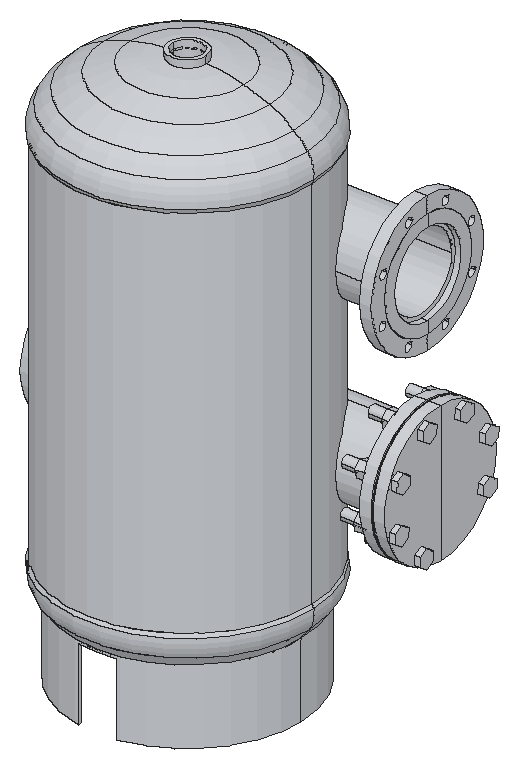
Revit family "SPA-6-S", category Generic Models, Revit 2014
Parameters (values of type "SPA-6-S")
  Width = 29"
  URL = "http://westank.com/"
  Model = "72072106"
  Maximum Flow = 850 GPM
  Manufacturer = "Wessels Company"
  Height = 44 1/2"
Reference planes (in)
  plane 1 "Center (Front/Back)": y = 0
  plane 2: z = 0
  plane 3 "Center (Left/Right)": x = 0
Forms (in)
  Extrusion 1, solid
    sketch origin (0, 0, 0) x (1, 0, 0) y (0, 1, 0)
      loop
        circle (0, 0) r 8.99606
      loop
        circle (0, 0) r 8.76037
    from 0 to 6.47317
  Extrusion 2, void
    sketch origin (0, 0, 0) x (1, 0, 0) y (0, 0, 1)
      loop
        line (-1.49606, 5.71096) -> (-1.49606, 0) -> (1.49606, 0) -> (1.49606, 5.71096) -> (-1.49606, 5.71096)
    from 2.17919 to 13.31141
  Extrusion 3, solid
    sketch origin (0, 0, 0) x (1, 0, 0) y (0, 1, 0)
      loop
        circle (0, 0) r 0.87598
    from 2.38926 to 3.72296
  Extrusion 4, solid
    sketch origin (0, 0, 0) x (1, 0, 0) y (0, 1, 0)
      loop
        circle (0, 0) r 0.6575
    from 2.32676 to 3.72296
  Extrusion 5, solid
    sketch origin (0, 0, 0) x (1, 0, 0) y (0, 1, 0)
      loop
        line (-0.17067, 0.5456) -> (-0.54552, -0.17054) -> (0.17207, -0.54615) -> (0.54692, 0.16999) -> (-0.17067, 0.5456)
    from 1.82676 to 3.72296
  Extrusion 6, solid
    sketch origin (0, 1.96767, 6.375) x (0, 1, 0) y (0, 0, 1)
      loop
        circle (4.27544, 24.375) r 3.30709
      loop
        circle (4.27544, 24.375) r 3.01276
    from 1.75 to 13.5
  Extrusion 7, solid
    sketch origin (0, 1.96767, 4.12496) x (0, 1, 0) y (0, 0, 1)
      loop
        circle (4.27544, 12.12504) r 3.30709
      loop
        circle (4.27544, 12.12504) r 3.01276
    from -13.5 to -1.75
  Revolve 8, solid
    sketch origin (0, 0, 0) x (1, 0, 0) y (0, 0, 1)
      loop
        line (-9.82401, 38.37588) -> (-9.82401, 8.62588) -> (-9.99416, 8.33118)
        arc (-9.99416, 8.33118) -> (-9.95054, 7.51823) -> (-9.63337, 6.76843) r 2.36068
        arc (-9.63337, 6.76843) -> (-8.54268, 5.48821) -> (-7.15547, 4.53732) r 6.38273
        arc (-7.15547, 4.53732) -> (-5.17691, 3.74077) -> (-3.09117, 3.29475) r 12.41099
        arc (-3.09117, 3.29475) -> (-1.54806, 3.12963) -> (0, 3.02031) r 43.00429
        line (0, 3.02031) -> (0, 3.12201)
        arc (0, 3.12201) -> (-1.54174, 3.23103) -> (-3.07855, 3.39552) r 42.90273
        arc (-3.07855, 3.39552) -> (-5.14721, 3.83789) -> (-7.10958, 4.62793) r 12.30943
        arc (-7.10958, 4.62793) -> (-8.47472, 5.56369) -> (-9.54805, 6.82354) r 6.28116
        arc (-9.54805, 6.82354) -> (-9.85314, 7.54786) -> (-9.89161, 8.33288) r 2.25912
        line (-9.89161, 8.33288) -> (-9.72245, 8.62588) -> (-9.72245, 38.45818) -> (-9.91792, 38.79673)
        arc (-9.91792, 38.79673) -> (-9.79301, 39.68792) -> (-9.40377, 40.49928) r 2.93271
        arc (-9.40377, 40.49928) -> (-8.93144, 41.08507) -> (-8.37459, 41.59119) r 4.8755
        arc (-8.37459, 41.59119) -> (-7.45752, 42.21141) -> (-6.46697, 42.70588) r 8.41598
        arc (-6.46697, 42.70588) -> (-5.46971, 43.07814) -> (-4.45376, 43.39591) r 19.67168
        arc (-4.45376, 43.39591) -> (-2.24682, 43.81881) -> (0, 43.85439) r 12.96789
        line (0, 43.85439) -> (0, 43.95621)
        arc (0, 43.95621) -> (-2.26081, 43.91947) -> (-4.48144, 43.49362) r 13.06945
        arc (-4.48144, 43.49362) -> (-5.50294, 43.17411) -> (-6.50566, 42.79979) r 19.77325
        arc (-6.50566, 42.79979) -> (-7.50848, 42.29926) -> (-8.43689, 41.6714) r 8.51755
        arc (-8.43689, 41.6714) -> (-9.00534, 41.15473) -> (-9.48752, 40.55674) r 4.97706
        arc (-9.48752, 40.55674) -> (-9.90226, 39.67647) -> (-10.01701, 38.71017) r 3.03428
        line (-10.01701, 38.71017) -> (-9.82401, 38.37588)
      axis (0, 43.95621) -> (0, 3.02031)
    angle from 0 to 360
  Extrusion 9, solid
    sketch origin (-6, -180, 22.2985) x (-1, 0, 0) y (0, -1, 0)
      loop
        circle (-5.99489, -180) r 1.43701
      loop
        circle (-6, -180) r 1.1811
    from 20.80157 to 22.18871
  Revolve 10, solid
    sketch origin (0, 6.24115, 6.375) x (1, 0, 0) y (0, 0, 1)
      loop
        line (12.43716, 27.6818) -> (14, 27.6818) -> (14, 28.62509) -> (13.9375, 28.62509) -> (13.9375, 29.875) -> (13.00098, 29.875) -> (13.00098, 28.15662) -> (12.43716, 28.15662) -> (12.43716, 27.6818)
      axis (14, 24.375) -> (12.43716, 24.375)
    angle from 0 to 360
  Revolve 11, solid
    sketch origin (0, 6.24506, 3.65215) x (1, 0, 0) y (0, 0, 1)
      loop
        line (-12.43947, 15.90041) -> (-12.43947, 16.38706) -> (-13.00098, 16.38706) -> (-13.00098, 18.09756) -> (-13.9375, 18.09756) -> (-13.9375, 16.84904) -> (-14, 16.84904) -> (-14, 15.90041) -> (-12.43947, 15.90041)
      axis (-12.43947, 12.75417) -> (-14, 12.75417)
    angle from 0 to 360
  Extrusion 12, void
    sketch origin (0, 2.50087, 4.15215) x (0, 1, 0) y (0, 0, 1)
      loop
        circle (5.54889, 16.49273) r 0.37795
      loop
        circle (1.92835, 16.47749) r 0.37795
      loop
        circle (-0.653, 13.92068) r 0.37795
      loop
        circle (-0.64073, 10.25893) r 0.37795
      loop
        circle (1.94116, 7.72633) r 0.37795
      loop
        circle (5.56516, 7.69932) r 0.37795
      loop
        circle (8.11987, 10.28251) r 0.37795
      loop
        circle (8.12581, 13.92024) r 0.37795
    from -14.85308 to -11.54381
  Extrusion 13, void
    sketch origin (0, 2.21571, 18.81246) x (0, 1, 0) y (0, 0, 1)
      loop
        circle (5.8481, 16.31889) r 0.37795
      loop
        circle (2.20911, 16.31263) r 0.37795
      loop
        circle (-0.32254, 13.75581) r 0.37795
      loop
        circle (-0.37276, 10.11868) r 0.37795
      loop
        circle (2.19116, 7.53686) r 0.37795
      loop
        circle (5.83977, 7.55906) r 0.37795
      loop
        circle (8.43471, 10.11765) r 0.37795
      loop
        circle (8.42502, 13.7464) r 0.37795
    from 10.99796 to 15.18419
  Extrusion 14, void
    sketch origin (-6, -180, 22.2985) x (-1, 0, 0) y (0, -1, 0)
      loop
        circle (-6.00511, -180) r 1.1811
    from 20.34469 to 22.76917
  Revolve 15, solid
    sketch origin (0.75, 6.27544, 19.05318) x (0, 0, 1) y (1, 0, 0)
      loop
        line (-2.80318, 13.1755) -> (-2.80318, -0.57335) -> (0.51924, -0.57335) -> (0.51924, 12.238) -> (2.69682, 12.238) -> (2.69682, 13.1755) -> (-2.80318, 13.1755)
      loop
        line (2.69682, 13.238) -> (2.69682, 13.26916) -> (-2.80318, 13.26916) -> (-2.80318, 13.238) -> (2.69682, 13.238)
      loop
        line (-2.80318, 13.3005) -> (2.69682, 13.3005) -> (2.69682, 14.238) -> (-2.80318, 14.238) -> (-2.80318, 13.3005)
      axis (-2.80318, -0.57335) -> (-2.80318, 14.238)
    angle from 0 to 360
  Extrusion 16, solid
    sketch origin (0, 0, 0) x (0, 1, 0) y (0, 0, 1)
      loop
        circle (8.25592, 20.55885) r 0.42907
    from 10.988 to 14.238
  Extrusion 17, solid
    sketch origin (0, 0, 0) x (0, 1, 0) y (0, 0, 1)
      loop
        line (8.76775, 21.06527) -> (8.07065, 21.25206) -> (7.56034, 20.74175) -> (7.74713, 20.04465) -> (8.44422, 19.85787) -> (8.95453, 20.36818) -> (8.76775, 21.06527)
    from 12.23 to 12.988
  Extrusion 18, solid
    sketch origin (0, 0, 0) x (0, 1, 0) y (0, 0, 1)
      loop
        line (8.29026, 21.2759) -> (7.64949, 20.94385) -> (7.61667, 20.22291) -> (8.22462, 19.83402) -> (8.86538, 20.16607) -> (8.8982, 20.88701) -> (8.29026, 21.2759)
    from 14.988 to 15.512
  Extrusion 19, solid
    sketch origin (0, 2.42673, -2.69516) x (0, 1, 0) y (0, 0, 1)
      loop
        circle (8.25592, 20.55885) r 0.42907
    from 10.988 to 14.238
  Extrusion 20, solid
    sketch origin (0, 2.42673, -2.69516) x (0, 1, 0) y (0, 0, 1)
      loop
        line (8.76775, 21.06527) -> (8.07065, 21.25206) -> (7.56034, 20.74175) -> (7.74713, 20.04465) -> (8.44422, 19.85787) -> (8.95453, 20.36818) -> (8.76775, 21.06527)
    from 12.23 to 12.988
  Extrusion 21, solid
    sketch origin (0, 2.42673, -2.69516) x (0, 1, 0) y (0, 0, 1)
      loop
        line (8.29026, 21.2759) -> (7.64949, 20.94385) -> (7.61667, 20.22291) -> (8.22462, 19.83402) -> (8.86538, 20.16607) -> (8.8982, 20.88701) -> (8.29026, 21.2759)
    from 14.988 to 15.512
  Extrusion 22, solid
    sketch origin (0, -3.69085, 0.15752) x (0, 1, 0) y (0, 0, 1)
      loop
        circle (8.25592, 20.55885) r 0.42907
    from 10.988 to 14.238
  Extrusion 23, solid
    sketch origin (0, -3.69085, 0.15752) x (0, 1, 0) y (0, 0, 1)
      loop
        line (8.76775, 21.06527) -> (8.07065, 21.25206) -> (7.56034, 20.74175) -> (7.74713, 20.04465) -> (8.44422, 19.85787) -> (8.95453, 20.36818) -> (8.76775, 21.06527)
    from 12.23 to 12.988
  Extrusion 24, solid
    sketch origin (0, -3.69085, 0.15752) x (0, 1, 0) y (0, 0, 1)
      loop
        line (8.29026, 21.2759) -> (7.64949, 20.94385) -> (7.61667, 20.22291) -> (8.22462, 19.83402) -> (8.86538, 20.16607) -> (8.8982, 20.88701) -> (8.29026, 21.2759)
    from 14.988 to 15.512
  Extrusion 25, solid
    sketch origin (0, -6.30315, -2.28606) x (0, 1, 0) y (0, 0, 1)
      loop
        circle (8.25592, 20.55885) r 0.42907
    from 10.988 to 14.238
  Extrusion 26, solid
    sketch origin (0, -6.30315, -2.28606) x (0, 1, 0) y (0, 0, 1)
      loop
        line (8.76775, 21.06527) -> (8.07065, 21.25206) -> (7.56034, 20.74175) -> (7.74713, 20.04465) -> (8.44422, 19.85787) -> (8.95453, 20.36818) -> (8.76775, 21.06527)
    from 12.23 to 12.988
  Extrusion 27, solid
    sketch origin (0, -6.30315, -2.28606) x (0, 1, 0) y (0, 0, 1)
      loop
        line (8.29026, 21.2759) -> (7.64949, 20.94385) -> (7.61667, 20.22291) -> (8.22462, 19.83402) -> (8.86538, 20.16607) -> (8.8982, 20.88701) -> (8.29026, 21.2759)
    from 14.988 to 15.512
  Extrusion 28, solid
    sketch origin (0, -6.4529, -5.93455) x (0, 1, 0) y (0, 0, 1)
      loop
        circle (8.25592, 20.55885) r 0.42907
    from 10.988 to 14.238
  Extrusion 29, solid
    sketch origin (0, -6.4529, -5.93455) x (0, 1, 0) y (0, 0, 1)
      loop
        line (8.76775, 21.06527) -> (8.07065, 21.25206) -> (7.56034, 20.74175) -> (7.74713, 20.04465) -> (8.44422, 19.85787) -> (8.95453, 20.36818) -> (8.76775, 21.06527)
    from 12.23 to 12.988
  Extrusion 30, solid
    sketch origin (0, -6.4529, -5.93455) x (0, 1, 0) y (0, 0, 1)
      loop
        line (8.29026, 21.2759) -> (7.64949, 20.94385) -> (7.61667, 20.22291) -> (8.22462, 19.83402) -> (8.86538, 20.16607) -> (8.8982, 20.88701) -> (8.29026, 21.2759)
    from 14.988 to 15.512
  Extrusion 31, solid
    sketch origin (0, -3.99876, -8.62545) x (0, 1, 0) y (0, 0, 1)
      loop
        circle (8.25592, 20.55885) r 0.42907
    from 10.988 to 14.238
  Extrusion 32, solid
    sketch origin (0, -3.99876, -8.62545) x (0, 1, 0) y (0, 0, 1)
      loop
        line (8.76775, 21.06527) -> (8.07065, 21.25206) -> (7.56034, 20.74175) -> (7.74713, 20.04465) -> (8.44422, 19.85787) -> (8.95453, 20.36818) -> (8.76775, 21.06527)
    from 12.23 to 12.988
  Extrusion 33, solid
    sketch origin (0, -3.99876, -8.62545) x (0, 1, 0) y (0, 0, 1)
      loop
        line (8.29026, 21.2759) -> (7.64949, 20.94385) -> (7.61667, 20.22291) -> (8.22462, 19.83402) -> (8.86538, 20.16607) -> (8.8982, 20.88701) -> (8.29026, 21.2759)
    from 14.988 to 15.512
  Extrusion 34, solid
    sketch origin (0, -0.37927, -8.78255) x (0, 1, 0) y (0, 0, 1)
      loop
        circle (8.25592, 20.55885) r 0.42907
    from 10.988 to 14.238
  Extrusion 35, solid
    sketch origin (0, -0.37927, -8.78255) x (0, 1, 0) y (0, 0, 1)
      loop
        line (8.76775, 21.06527) -> (8.07065, 21.25206) -> (7.56034, 20.74175) -> (7.74713, 20.04465) -> (8.44422, 19.85787) -> (8.95453, 20.36818) -> (8.76775, 21.06527)
    from 12.23 to 12.988
  Extrusion 36, solid
    sketch origin (0, -0.37927, -8.78255) x (0, 1, 0) y (0, 0, 1)
      loop
        line (8.29026, 21.2759) -> (7.64949, 20.94385) -> (7.61667, 20.22291) -> (8.22462, 19.83402) -> (8.86538, 20.16607) -> (8.8982, 20.88701) -> (8.29026, 21.2759)
    from 14.238 to 14.762
  Extrusion 37, solid
    sketch origin (0, 2.27287, -6.30592) x (0, 1, 0) y (0, 0, 1)
      loop
        circle (8.25592, 20.55885) r 0.42907
    from 10.988 to 14.238
  Extrusion 38, solid
    sketch origin (0, 2.27287, -6.30592) x (0, 1, 0) y (0, 0, 1)
      loop
        line (8.76775, 21.06527) -> (8.07065, 21.25206) -> (7.56034, 20.74175) -> (7.74713, 20.04465) -> (8.44422, 19.85787) -> (8.95453, 20.36818) -> (8.76775, 21.06527)
    from 12.23 to 12.988
  Extrusion 39, solid
    sketch origin (0, 2.27287, -6.30592) x (0, 1, 0) y (0, 0, 1)
      loop
        line (8.29026, 21.2759) -> (7.64949, 20.94385) -> (7.61667, 20.22291) -> (8.22462, 19.83402) -> (8.86538, 20.16607) -> (8.8982, 20.88701) -> (8.29026, 21.2759)
    from 14.988 to 15.512
Cuts and joins
  Extrusion 2 cuts Extrusion 1
  Extrusion 14 cuts Revolve 8
  joined: Extrusion 1, Revolve 8
  Extrusion 12 cuts Revolve 11
  Extrusion 13 cuts Revolve 10
Dimensions and locks (in)
  diameter of Extrusion 1 sketch curve = 17.99213"
  diameter of Extrusion 1 sketch curve = 17.52073"
  diameter of Extrusion 3 sketch curve = 1.75197"
  diameter of Extrusion 4 sketch curve = 1.315"
  diameter of Extrusion 6 sketch curve = 6.61417"
  diameter of Extrusion 6 sketch curve = 6.02551"
  diameter of Extrusion 7 sketch curve = 6.61417"
  diameter of Extrusion 7 sketch curve = 6.02551"
  diameter of Extrusion 9 sketch curve = 2.87402"
  diameter of Extrusion 9 sketch curve = 2.3622"
  diameter of Extrusion 14 sketch curve = 2.3622"
  aligned and locked: plane 2 to level
  aligned and locked: Revolve 15 sketch curve to Revolve 15 sketch curve
Connectors (in)
  piping at (0, 0, 2.32676), diameter 1
    settings: on Extrusion 4, index 2, connector inside diameter 24", connector length 0", flow factor 0, pipe flow 0 GPM, pressure drop 0.00 psi, fitting loss kfactor 0, connector angle 0.00°, fixture units 0, engagement length 0", angle of deflection 0.00°, flow configuration 0, flow direction 0, fitting loss method 0, system type 7, joint type 0, gender type 0, connector reference index -1, connector utility 0, adjustable connector no, is connector primary yes, connector description ""
  piping at (14, 6.24115, 30.75), diameter 6.5
    settings: on cut or joined group of Revolve 10, Extrusion 13, index 3, connector inside diameter 24", connector length 0", flow factor 0, pipe flow 0 GPM, pressure drop 0.00 psi, fitting loss kfactor 0, connector angle 0.00°, fixture units 0, engagement length 0", angle of deflection 0.00°, flow configuration 0, flow direction 0, fitting loss method 0, system type 7, joint type 0, gender type 0, connector reference index -1, connector utility 0, adjustable connector no, is connector primary no, connector description ""
  piping at (-14, 6.24506, 16.40632), diameter 6.5
    settings: on cut or joined group of Revolve 11, Extrusion 12, index 4, connector inside diameter 24", connector length 0", flow factor 0, pipe flow 0 GPM, pressure drop 0.00 psi, fitting loss kfactor 0, connector angle 0.00°, fixture units 0, engagement length 0", angle of deflection 0.00°, flow configuration 0, flow direction 0, fitting loss method 0, system type 7, joint type 0, gender type 0, connector reference index -1, connector utility 0, adjustable connector no, is connector primary no, connector description ""
